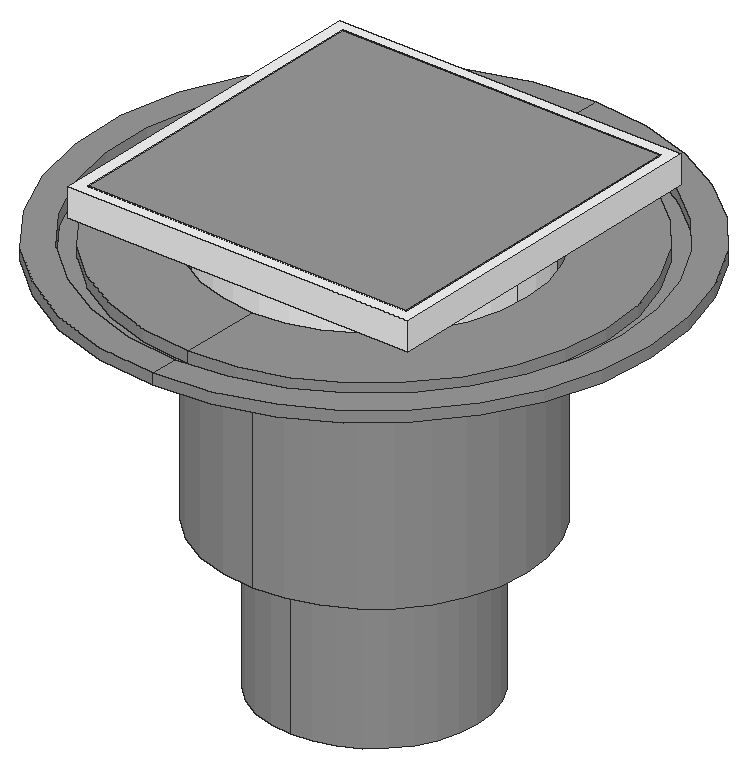
Revit family "137_HL310N", category Instalační zařizovací předměty, Revit 2016
Family settings
  Typ součásti = Normální
  Kóta kulaté spojky = Použít průměr
  Číslo OmniClass = 23.70.50.21.24.14
  Nadpis OmniClass = Deck Waste Water Drains
  Založené na pracovní rovině = Ne
  Vždy vertikální = Ano
  Ořezat dutým tvarem při načtení = Ne
  Sdílené = Ano
  Bod výpočtu místnosti = Ano
Parameters (values of type "HL310N")
  РЕШЁТКА = "115 x 115 mm / V2A"
  РАЗМЕР = "DN50/75/110"
  ПРОПУСКНАЯ СПОСОБНОСТЬ = 0.67 L/s
  ПРОИЗВОДИТЕЛЬНОСТЬ = "0,67 l/s"
  ПРИЁМНОЕ ОТВЕРСТИЕ = ""
  ПРАВОВАЯ ИНФОРМАЦИЯ = "Авторские права(©), права на дизайн или какие либо другие права интелектуальной собственности являются исключительной собственностью компании HL Hutterer & Lechner. Изменению не подлежит. Файл семейства с данными о прозводителе изделия защищен паролем с водяным знаком."  # constant formula
  НОРМЫ = ""
  НОМИНАЛЬНЫЙ ДИАМЕТР [instance] = 110 mm
  НАСАДКА = "12-70 mm / 123 x 123 mm / PP"
  МАТЕРИАЛ = "PE"
  МАКСИМАЛЬНАЯ НАГРУЗКА КЛАССА = "K3 - 300 kg"
  ВЫСОТА МОНТАЖА = "166 mm"
  ВЕС = "0,72 [kg]"
  Připojení ventilace = no
  Výrobce = "HL Hutterer & Lechner GmbH"  # constant formula
  URL = "http://www.hutterer-lechner.com/ru/Products/catalog/floor-drains/attachments/HL310N.aspx"
  Připojení odpadu = yes
  Připojení HW = no
  Popis = "Трапы для внутренних помещений"
  Model = "HL310N"
  Komentáře k typům = "HL310N Трап для внутренних помещенийDN50/75/110 вертикальный 123х123мм/115х115мм"
  Keynote = "HL310N"
  Высота монтажа [instance] = 166 mm
  EAN = "9003076004638"
  DN_Test [instance] = if(or(НОМИНАЛЬНЫЙ ДИАМЕТР = 50 mm, НОМИНАЛЬНЫЙ ДИАМЕТР = 75 mm, НОМИНАЛЬНЫЙ ДИАМЕТР = 110 mm), 30 mm, 0 mm)  # 30 mm
  Připojení CW = no
  B [instance] = if(НОМИНАЛЬНЫЙ ДИАМЕТР = 110 mm, Высота монтажа - 55 mm, Высота монтажа)  # 111 mm
  A [instance] = if(B - 100 mm > 15 mm, B - 100 mm, 15 mm)  # 15 mm
Reference planes
  plane 1 "Center (Front/Back)": y = 0
  plane 2: z = 0
  plane 3 "Center (Left/Right)": x = 0
  plane 4 "Ball Joint Vertical": x = 25.45
  plane 5: z = -166
  plane 6: z = -111
Lines and regions (mm)
  model lines, style "InvisibleLines"
    curve 1: line (0, 0, 0) -> (0, 0, 975)
  reference lines
    curve 2: line (0, 0, -106.004) -> (0, 0, -111.004)
  model lines, detail levels coarse+medium
    curve 3: line (0, 0, -111) -> (0, 0, -96)
    curve 4: line (0, 0, -96) -> (96, 0, 0)
    curve 5: line (0, 0, -96) -> (-96, 0, 0)
  symbolic lines, style "InvisibleLines", not visible
    curve 6: line (0, 0, 0) -> (0, 0, -30)
  symbolic lines, detail levels coarse+medium
    curve 7: line (-75, 75, 0) -> (75, 75, 0)
    curve 8: line (-75, -75, 0) -> (-75, 75, 0)
    curve 9: line (75, -75, 0) -> (-75, -75, 0)
    curve 10: line (75, 75, 0) -> (75, -75, 0)
    curve 11: line (75, 75, 0) -> (145.711, 145.711, 0)
    curve 12: line (-75, 75, 0) -> (-145.711, 145.711, 0)
    curve 13: line (75, -75, 0) -> (145.711, -145.711, 0)
    curve 14: line (-75, -75, 0) -> (-145.711, -145.711, 0)
  symbolic lines, not visible, detail levels coarse+medium
    curve 15: line (97.767, 268.748, 0) -> (247.767, 268.748, 0)
    curve 16: line (97.767, 118.748, 0) -> (97.767, 268.748, 0)
    curve 17: line (247.767, 118.748, 0) -> (97.767, 118.748, 0)
    curve 18: line (247.767, 268.748, 0) -> (247.767, 118.748, 0)
    curve 19: line (247.767, 268.748, 0) -> (318.478, 339.459, 0)
    curve 20: line (97.767, 268.748, 0) -> (27.057, 339.459, 0)
    curve 21: line (247.767, 118.748, 0) -> (318.478, 48.037, 0)
    curve 22: line (97.767, 118.748, 0) -> (27.057, 48.037, 0)
Text (mm)
  text "ПОЛ" at (-221.38, 0, -14.206), in view "Drain Construction View"
Dimensions and locks
  locked: plane 4 "Ball Joint Vertical" to plane 3 "Center (Left/Right)" at 25.45
  "Высота монтажа": plane 2 to plane 5
  "A": curve 5 to plane 6
  "B": curve 5 to plane 6
  "B": curve 4 to plane 6
  "B": plane 2 to plane 6
  "DN_Test": plane 2 to curve 6
  locked: curve 4 to plane 3 "Center (Left/Right)" (angle 45.00°)
  locked: plane 3 "Center (Left/Right)" to curve 5 (angle 45.00°)
  aligned and locked: level to plane 2
  aligned and locked: plane 2 to curve 1
  aligned and locked: plane 3 "Center (Left/Right)" to curve 1
  aligned and locked: plane 3 "Center (Left/Right)" to curve 2
  aligned and locked: plane 3 "Center (Left/Right)" to curve 3
  aligned and locked: plane 3 "Center (Left/Right)" to curve 5
  aligned and locked: plane 5 to nested 2
  aligned and locked: plane 6 to curve 3
Automatic sketch dimensions
  curve 2 to plane 6 = 0.004 mm
  plane 6 to curve 2 = 4.996 mm
  level to curve 1 = 975 mm
Nested families
  nested 1: "HL_Вкладыш сифона_HL0510.7E" at (0, 0, -6), type "HL0510.7E_Main Component"
  nested 2: "HL_Корпус для трапа внутренних помещений_HL310NK" at (0, 0, -21.604), type "HL310NK_Main Component"
  nested 3: "HL_Решётка_HL037Pr.1E" at (0, 0, 0), type "HL037Pr.1E_Main Component"
  nested 4: "HL_Насадка_HL037N.2E" at (0, 0, 0), type "HL037N.2E_Main Component"
    with Высота монтажа 23 mm, RN 4, RL 26 mm, R no, NL_Test yes, NL 43 mm
Connectors
  piping at (0, 0, -111.004), diameter 110, driven by "ПРОПУСКНАЯ СПОСОБНОСТЬ", driven by "НОМИНАЛЬНЫЙ ДИАМЕТР"
    settings: on curve 2, index 1, connector inside diameter 609.6 mm, connector length 0 mm, flow factor 0, pipe flow 0.67 L/s, pressure drop 0.0 Pa, fitting loss kfactor 0, connector angle 0.00°, fixture units 0, engagement length 0 mm, angle of deflection 0.00°, flow configuration 1, flow direction 2, fitting loss method 0, system type 16, joint type 0, gender type 0, connector reference index -1, connector utility 0, adjustable connector no, is connector primary yes, connector description ""
Definition of nested family "HL_Вкладыш сифона_HL0510.7E"
  Parameters (values of type "HL0510.7E")
    ПРАВОВАЯ ИНФОРМАЦИЯ = "Авторские права(©), права на дизайн или какие либо другие права интелектуальной собственности являются исключительной собственностью компании HL Hutterer & Lechner. Изменению не подлежит. Файл семейства с данными о прозводителе изделия защищен паролем с водяным знаком."  # constant formula
    МАТЕРИАЛ = "PP"
    ВЕС = "0,08 [kg]"
    Waste Connection = yes
    Vent Connection = no
    Manufacturer = "HL Hutterer & Lechner GmbH"  # constant formula
    URL = "http://www.hutterer-lechner.com/ru/products/catalog/floor-drains/attachments/HL0510.7e.aspx"
    HW Connection = no
    Description = "Трапы для внутренних помещений - Комплектующие"
    Model = "HL0510.7E"
    Type Comments = "HL0510.7E Вкладыш запахозапирающий комплектный"
    Keynote = "HL0510.7E"
    EAN = "9003076051076"
    CW Connection = no
  Reference planes
    plane 1 "Center (Front/Back)": y = 0
    plane 2: z = 0
    plane 3 "Center (Left/Right)": x = 0
    plane 4 "Ball Joint Vertical": x = 25.45
  Forms (mm)
    Revolve 1, solid, detail levels fine
      sketch origin (0, 0, 0) x (0, 1, 0) y (0, 0, 1)
        loop
          line (20, -68.2) -> (20, -11) -> (18.2, -11) -> (18.2, -70) -> (45, -70) -> (45, -36) -> (48.834, -36) -> (48.834, -14) -> (49.7, -14) -> (49.7, -2) -> (53, -2) -> (53, 0) -> (45, 0) -> (45, -29.222) -> (43.93, -33.62) -> (43.13, -33.62) -> (43.13, -68.2) -> (20, -68.2)
        loop
          line (36.103, -61) -> (36.103, 0) -> (0, 0) -> (0, -1.8) -> (34.307, -1.8) -> (34.307, -61) -> (36.103, -61)
        axis (0, 0) -> (0, -70)
      angle from 0 to 360
    Extrusion 2, solid, detail levels fine
      sketch origin (0, 0, 0) x (1, 0, 0) y (0, 1, 0)
        loop
          line (-24.1, 5.7) -> (-24.1, -5.7) -> (-4, -5.7) -> (-4, -23) -> (4, -23) -> (4, -5.7) -> (24.1, -5.7) -> (24.1, 5.7) -> (4, 5.7) -> (4, 23) -> (-4, 23) -> (-4, 5.7) -> (-24.1, 5.7)
      from -82.5 to -81
    Extrusion 3, solid, detail levels fine
      sketch origin (0, 0, 0) x (1, 0, 0) y (0, 1, 0)
        loop
          line (-24.1, 5.7) -> (-24.1, -5.7) -> (-18.9, -5.7) -> (-18.9, 5.7) -> (-24.1, 5.7)
        loop
          line (18.9, 5.7) -> (18.9, -5.7) -> (24.1, -5.7) -> (24.1, 5.7) -> (18.9, 5.7)
      from -81 to -70
    Revolve 4, solid, detail levels fine
      sketch origin (0, 0, 0) x (0, 1, 0) y (0, 0, 1)
        loop
          arc (49.7, -10.914) -> (51.118, -9) -> (49.7, -7.086) r 2
          line (49.7, -7.086) -> (49.7, -10.914)
        axis (0, -7.086) -> (0, -10.914)
      angle from 0 to 360
  Cuts and joins
    joined: Revolve 1, Extrusion 2, Extrusion 3
  Text (mm)
    text "ROOF/FLOOR" at (-198.233, 0, -26.556), in view "Drain Construction View"
  Dimensions and locks
    locked: plane 4 "Ball Joint Vertical" to plane 3 "Center (Left/Right)" at 25.45
    aligned and locked: level to plane 2
Definition of nested family "HL_Корпус для трапа внутренних помещений_HL310NK"
  Parameters (values of type "HL310NK")
    РАЗМЕР = "DN50/75/110"
    ПРАВОВАЯ ИНФОРМАЦИЯ = "Авторские права(©), права на дизайн или какие либо другие права интелектуальной собственности являются исключительной собственностью компании HL Hutterer & Lechner. Изменению не подлежит. Файл семейства с данными о прозводителе изделия защищен паролем с водяным знаком."  # constant formula
    МАТЕРИАЛ = "PE"
    ВЫСОТА МОНТАЖА = "144 mm"
    ВЕС = "0,23 [kg]"
    Waste Connection = yes
    Vent Connection = no
    Manufacturer = "HL Hutterer & Lechner GmbH"  # constant formula
    URL = "http://www.hutterer-lechner.com/ru/products/catalog/floor-drains/attachments/HL310nk.aspx"
    HW Connection = no
    Description = "Трапы для внутренних помещений - Комплектующие"
    Model = "HL310NK"
    Type Comments = "HL310NK пус трапа для внутренних помещений DN50/75/110 вертикальный"
    Keynote = "HL310NK"
    EAN = "9003076008674"
    CW Connection = no
  Reference planes
    plane 1 "Center (Front/Back)": y = 0
    plane 2: z = 0
    plane 3 "Center (Left/Right)": x = 0
    plane 4 "Ball Joint Vertical": x = 25.45
  Forms (mm)
    Revolve 1, solid, detail levels fine
      sketch origin (0, 0, 0) x (0, 1, 0) y (0, 0, 1)
        loop
          line (55.35, 0) -> (55.35, -22) -> (52, -22) -> (52, -86.396) -> (20, -86.396) -> (20, -88.396) -> (22, -88.396) -> (22, -89.396) -> (22, -144.396) -> (25, -144.396) -> (25, -89.396) -> (34.5, -89.396) -> (34.5, -144.396) -> (37.5, -144.396) -> (37.5, -89.396) -> (55, -89.396) -> (55, -27) -> (58.349, -27) -> (58.349, -7.5) -> (93, -7.5) -> (93, -4) -> (100, -4) -> (100, 0) -> (90, 0) -> (90, -4) -> (84, -4) -> (84, 0) -> (55.35, 0)
        axis (0, 0) -> (0, -144.396)
      angle from 0 to 360
  Text (mm)
    text "ROOF/FLOOR" at (-198.233, 0, -26.556), in view "Drain Construction View"
  Dimensions and locks
    locked: plane 4 "Ball Joint Vertical" to plane 3 "Center (Left/Right)" at 25.45
    aligned and locked: level to plane 2
Definition of nested family "HL_Решётка_HL037Pr.1E"
  Parameters (values of type "HL037Pr.1E")
    РАЗМЕР = "115x115mm"
    ПРАВОВАЯ ИНФОРМАЦИЯ = "Авторские права(©), права на дизайн или какие либо другие права интелектуальной собственности являются исключительной собственностью компании HL Hutterer & Lechner. Изменению не подлежит. Файл семейства с данными о прозводителе изделия защищен паролем с водяным знаком."  # constant formula
    МАТЕРИАЛ = "V2A"
    МАКСИМАЛЬНАЯ НАГРУЗКА КЛАССА = "K3 - 300 kg"
    ВЕС = "0,15 [kg]"
    Waste Connection = yes
    Vent Connection = no
    Manufacturer = "HL Hutterer & Lechner GmbH"  # constant formula
    URL = "http://www.hutterer-lechner.com/ru/products/catalog/floor-drains/attachments/HL037pr.1e.aspx"
    HW Connection = no
    Description = "Трапы для внутренних помещений - Комплектующие"
    Model = "HL037Pr.1E"
    Type Comments = "HL037Pr.1E Решётка из нержавеющей стали 115х115 мм"
    Keynote = "HL037Pr.1E"
    EAN = "9003076028474"
    CW Connection = no
  Reference planes
    plane 1 "Center (Front/Back)": y = 0
    plane 2: z = 0
    plane 3 "Center (Left/Right)": x = 0
    plane 4 "Ball Joint Vertical": x = 25.45
  Forms (mm)
    Extrusion 1, solid, detail levels fine
      sketch origin (0, 0, 0) x (1, 0, 0) y (0, 1, 0)
        loop
          line (57.5, 57.5) -> (-57.5, 57.5) -> (-57.5, -57.5) -> (57.5, -57.5) -> (57.5, 57.5)
      from 0 to -5
  Lines and regions (mm)
    model lines, detail levels fine
      curve 1: spline (-13.927, 0, 0) -> (-13.452, 1.165, 0) -> (-12.061, 2.25, 0) -> (-9.848, 3.182, 0) -> (-6.964, 3.897, 0) -> (-3.605, 4.347, 0) -> (0, 4.5, 0) -> (3.605, 4.347, 0) -> (6.964, 3.897, 0) -> (9.848, 3.182, 0) -> (12.061, 2.25, 0) -> (13.452, 1.165, 0) -> (13.927, 0, 0) -> (13.452, -1.165, 0) -> (12.061, -2.25, 0) -> (9.848, -3.182, 0) -> (6.964, -3.897, 0) -> (3.605, -4.347, 0) -> (0, -4.5, 0) -> (-3.605, -4.347, 0) -> (-6.964, -3.897, 0) -> (-9.848, -3.182, 0) -> (-12.061, -2.25, 0) -> (-13.452, -1.165, 0) -> (-13.927, 0, 0)
      curve 2: line (-5.9, 0.4, 0) -> (-11.9, 0.4, 0)
      curve 3: line (-3.65, -2, 0) -> (-3.65, 2, 0)
      curve 4: arc (-3.65, 2, 0) -> (-3.15, 2.5, 0) -> (-2.65, 2, 0) r 0.5
      curve 5: line (-2.65, 2, 0) -> (-2.65, 0.5, 0)
      curve 6: line (-2.65, 0.5, 0) -> (-0.65, 0.5, 0)
      curve 7: line (-0.65, 0.5, 0) -> (-0.65, 2, 0)
      curve 8: arc (-0.65, 2, 0) -> (-0.15, 2.5, 0) -> (0.35, 2, 0) r 0.5
      curve 9: line (0.35, 2, 0) -> (0.35, -2, 0)
      curve 10: arc (0.35, -2, 0) -> (-0.15, -2.5, 0) -> (-0.65, -2, 0) r 0.5
      curve 11: line (-0.65, -2, 0) -> (-0.65, -0.5, 0)
      curve 12: line (-0.65, -0.5, 0) -> (-2.65, -0.5, 0)
      curve 13: line (-2.65, -0.5, 0) -> (-2.65, -2, 0)
      curve 14: arc (-2.65, -2, 0) -> (-3.15, -2.5, 0) -> (-3.65, -2, 0) r 0.5
      curve 15: line (1.85, -2, 0) -> (1.85, 2, 0)
      curve 16: arc (1.85, 2, 0) -> (1.996, 2.354, 0) -> (2.35, 2.5, 0) r 0.5
      curve 17: arc (2.35, 2.5, 0) -> (2.704, 2.354, 0) -> (2.85, 2, 0) r 0.5
      curve 18: line (2.85, 2, 0) -> (2.85, -1, 0)
      curve 19: arc (2.85, -1, 0) -> (2.996, -1.354, 0) -> (3.35, -1.5, 0) r 0.5
      curve 20: line (3.35, -1.5, 0) -> (4.35, -1.5, 0)
      curve 21: arc (4.35, -1.5, 0) -> (4.85, -2, 0) -> (4.35, -2.5, 0) r 0.5
      curve 22: line (4.35, -2.5, 0) -> (2.35, -2.5, 0)
      curve 23: arc (2.35, -2.5, 0) -> (1.996, -2.354, 0) -> (1.85, -2, 0) r 0.5
      curve 24: line (12.1, 0.4, 0) -> (6.1, 0.4, 0)
      curve 25: line (-5.9, -0.4, 0) -> (-11.9, -0.4, 0)
      curve 26: line (12.1, -0.4, 0) -> (6.1, -0.4, 0)
      curve 27: line (-5.9, 0.4, 0) -> (-5.9, -0.4, 0)
      curve 28: line (-11.9, 0.4, 0) -> (-11.9, -0.4, 0)
      curve 29: line (6.1, 0.4, 0) -> (6.1, -0.4, 0)
      curve 30: line (12.1, 0.4, 0) -> (12.1, -0.4, 0)
      curve 31: arc (38.029, -24.059, 0) -> (45, 0, 0) -> (38.029, 24.059, 0) r 45
      curve 32: arc (38.029, 24.059, 0) -> (35.09, 25.896, 0) -> (31.82, 24.749, 0) r 4
      curve 33: arc (31.82, 24.749, 0) -> (30.673, 22.362, 0) -> (31.268, 19.782, 0) r 4
      curve 34: arc (31.268, 19.782, 0) -> (37, 0, 0) -> (31.268, -19.782, 0) r 37
      curve 35: arc (31.268, -19.782, 0) -> (30.673, -22.362, 0) -> (31.82, -24.749, 0) r 4
      curve 36: arc (31.82, -24.749, 0) -> (35.09, -25.896, 0) -> (38.029, -24.059, 0) r 4
      curve 37: arc (24.059, 38.029, 0) -> (0, 45, 0) -> (-24.059, 38.029, 0) r 45
      curve 38: arc (-24.059, 38.029, 0) -> (-25.896, 35.09, 0) -> (-24.749, 31.82, 0) r 4
      curve 39: arc (-24.749, 31.82, 0) -> (-22.362, 30.673, 0) -> (-19.782, 31.268, 0) r 4
      curve 40: arc (-19.782, 31.268, 0) -> (0, 37, 0) -> (19.782, 31.268, 0) r 37
      curve 41: arc (19.782, 31.268, 0) -> (22.362, 30.673, 0) -> (24.749, 31.82, 0) r 4
      curve 42: arc (24.749, 31.82, 0) -> (25.896, 35.09, 0) -> (24.059, 38.029, 0) r 4
      curve 43: arc (24.059, -38.029, 0) -> (0, -45, 0) -> (-24.059, -38.029, 0) r 45
      curve 44: arc (-24.059, -38.029, 0) -> (-25.896, -35.09, 0) -> (-24.749, -31.82, 0) r 4
      curve 45: arc (-24.749, -31.82, 0) -> (-22.362, -30.673, 0) -> (-19.782, -31.268, 0) r 4
      curve 46: arc (-19.782, -31.268, 0) -> (0, -37, 0) -> (19.782, -31.268, 0) r 37
      curve 47: arc (19.782, -31.268, 0) -> (22.362, -30.673, 0) -> (24.749, -31.82, 0) r 4
      curve 48: arc (24.749, -31.82, 0) -> (25.896, -35.09, 0) -> (24.059, -38.029, 0) r 4
      curve 49: arc (-38.029, -24.059, 0) -> (-45, 0, 0) -> (-38.029, 24.059, 0) r 45
      curve 50: arc (-38.029, 24.059, 0) -> (-35.09, 25.896, 0) -> (-31.82, 24.749, 0) r 4
      curve 51: arc (-31.82, 24.749, 0) -> (-30.673, 22.362, 0) -> (-31.268, 19.782, 0) r 4
      curve 52: arc (-31.268, 19.782, 0) -> (-37, 0, 0) -> (-31.268, -19.782, 0) r 37
      curve 53: arc (-31.268, -19.782, 0) -> (-30.673, -22.362, 0) -> (-31.82, -24.749, 0) r 4
      curve 54: arc (-31.82, -24.749, 0) -> (-35.09, -25.896, 0) -> (-38.029, -24.059, 0) r 4
    model lines
      curve 55: line (0, 0, 0) -> (0, 0, 100)
  Text (mm)
    text "ROOF/FLOOR" at (-198.233, 0, -26.556), in view "Drain Construction View"
  Dimensions and locks
    locked: plane 4 "Ball Joint Vertical" to plane 3 "Center (Left/Right)" at 25.45
    aligned and locked: level to plane 2
Definition of nested family "HL_Насадка_HL037N.2E"
  Parameters (values of type "HL037N.2E")
    РАЗМЕР = "d 110 mm"
    ПРАВОВАЯ ИНФОРМАЦИЯ = "Авторские права(©), права на дизайн или какие либо другие права интелектуальной собственности являются исключительной собственностью компании HL Hutterer & Lechner. Изменению не подлежит. Файл семейства с данными о прозводителе изделия защищен паролем с водяным знаком."  # constant formula
    НАСАДКА = "123x123mm"
    МАТЕРИАЛ = "PP"
    Высота монтажа [instance] = 70 mm
    ВЫСОТА МОНТАЖА = "12-70mm"
    ВЕС = "0,08 [kg]"
    Waste Connection = yes
    Vent Connection = no
    RD = 6.5 mm  # constant formula
    R [instance] = ((Высота монтажа - NL_Min) / RD - 1) > 2  # yes
    RL [instance] = if(Высота монтажа < 18 mm, 1 mm, RD * RN)  # 71.5 mm
    NL_Test [instance] = and(or(Высота монтажа < NL_Max, Высота монтажа = NL_Max), or(Высота монтажа > NL_Min, Высота монтажа = NL_Min))  # yes
    NL_Min = 12 mm
    NL_Max = 70 mm
    NL [instance] = if(NL_Test, Высота монтажа + 20 mm, 0 mm)  # 90 mm
    RN [instance] = if((Высота монтажа + 20 mm - NL_Min) / RD - 1 < 2, 2, (Высота монтажа + 20 mm - NL_Min) / RD - 1)  # 11
    Manufacturer = "HL Hutterer & Lechner GmbH"  # constant formula
    URL = "http://www.hutterer-lechner.com/ru/products/catalog/floor-drains/attachments/HL037pr.11e.aspx"
    HW Connection = no
    Description = "Трапы для внутренних помещений - Комплектующие"
    Model = "HL037N.2E"
    Type Comments = "HL037N.2E Насадные подрамники d 110мм/90мм/123х123мм с О-кольцом"
    Keynote = "HL037N.2E"
    EAN = "9003076015290"
    CW Connection = no
  Reference planes
    plane 1 "Center (Front/Back)": y = 0
    plane 2: z = 0
    plane 3 "Center (Left/Right)": x = 0
    plane 4 "Ball Joint Vertical": x = 25.45
    plane 5: z = -90
  Forms (mm)
    Extrusion 1, solid, detail levels fine
      sketch origin (0, 0, 0) x (1, 0, 0) y (0, 1, 0)
        loop
          line (-61.5, 61.5) -> (-61.5, -61.5) -> (61.5, -61.5) -> (61.5, 61.5) -> (-61.5, 61.5)
      from -10 to 0
    Extrusion 2, solid, detail levels fine
      sketch origin (0, 0, 0) x (1, 0, 0) y (0, 1, 0)
        loop
          circle (0, 0) r 51.744
      from -90 to -10
    Extrusion 3, void
      sketch origin (0, 0, 0) x (1, 0, 0) y (0, 1, 0)
        loop
          line (-57.5, 57.5) -> (-57.5, -57.5) -> (57.5, -57.5) -> (57.5, 57.5) -> (-57.5, 57.5)
      from 0 to -8
  Cuts and joins
    Extrusion 3 cuts Extrusion 1
  Lines and regions (mm)
    symbolic lines
      curve 1: line (0, 0, -90) -> (0, 0, 0)
    model lines
      curve 2: line (0, 0, 0) -> (0, 0, 100)
  Text (mm)
    text "ROOF/FLOOR" at (-198.233, 0, -26.556), in view "Drain Construction View"
  Dimensions and locks
    locked: plane 4 "Ball Joint Vertical" to plane 3 "Center (Left/Right)" at 25.45
    "NL": plane 2 to plane 5
    equal spacing: group 1, group 3, group 4, group 5, group 6, group 7, group 8, group 9, group 10, group 11, group 2  (x3)
    "RL": nested 2 to nested 1
    locked: nested 1 to plane 5 at 1.516
    aligned and locked: level to plane 2
    aligned and locked: plane 3 "Center (Left/Right)" to nested 1
    aligned and locked: plane 1 "Center (Front/Back)" to nested 1
    aligned and locked: plane 2 to curve 1
    aligned and locked: plane 5 to curve 1
    aligned and locked: Extrusion 2 to plane 5
  Automatic sketch dimensions
    Extrusion 1 sketch curve to plane 3 "Center (Left/Right)" = 61.5 mm
    plane 4 "Ball Joint Vertical" to Extrusion 1 sketch curve = 36.05 mm
    plane 1 "Center (Front/Back)" to Extrusion 1 sketch curve = 61.5 mm
    Extrusion 1 sketch curve to plane 1 "Center (Front/Back)" = 61.5 mm
    plane 1 "Center (Front/Back)" to Extrusion 2 sketch curve = 0 mm
    Extrusion 2 sketch curve to plane 3 "Center (Left/Right)" = 0 mm
    Extrusion 3 sketch curve to plane 3 "Center (Left/Right)" = 57.5 mm
    plane 4 "Ball Joint Vertical" to Extrusion 3 sketch curve = 32.05 mm
    plane 1 "Center (Front/Back)" to Extrusion 3 sketch curve = 57.5 mm
    Extrusion 3 sketch curve to plane 1 "Center (Front/Back)" = 57.5 mm
    curve 2 to plane 3 "Center (Left/Right)" = 0 mm
    level to curve 2 = 100 mm
    radius of Extrusion 2 sketch curve = 51.744 mm
  Nested families
    nested 1: "Ring" at (0, 0, -88.484), visible <- "R", type "Ring"
      with R 51.7 mm, D 103.4 mm
    nested 2: "Ring" at (0, 0, -16.984), visible <- "R", type "Ring"
      with R 51.7 mm, D 103.4 mm
    nested 3: "Ring" at (0, 0, -81.334), visible <- "R", type "Ring"
      with R 51.7 mm, D 103.4 mm
    nested 4: "Ring" at (0, 0, -74.184), visible <- "R", type "Ring"
      with R 51.7 mm, D 103.4 mm
    nested 5: "Ring" at (0, 0, -67.034), visible <- "R", type "Ring"
      with R 51.7 mm, D 103.4 mm
    nested 6: "Ring" at (0, 0, -59.884), visible <- "R", type "Ring"
      with R 51.7 mm, D 103.4 mm
    nested 7: "Ring" at (0, 0, -52.734), visible <- "R", type "Ring"
      with R 51.7 mm, D 103.4 mm
    nested 8: "Ring" at (0, 0, -45.584), visible <- "R", type "Ring"
      with R 51.7 mm, D 103.4 mm
    nested 9: "Ring" at (0, 0, -38.434), visible <- "R", type "Ring"
      with R 51.7 mm, D 103.4 mm
    nested 10: "Ring" at (0, 0, -31.284), visible <- "R", type "Ring"
      with R 51.7 mm, D 103.4 mm
    nested 11: "Ring" at (0, 0, -24.134), visible <- "R", type "Ring"
      with R 51.7 mm, D 103.4 mm
  Definition of nested family "Ring"
    Parameters (values of type "Ring")
      Manufacturer = ""
      URL = ""
      R = D / 2  # 51.5 mm
      Description = ""
      Model = ""
      Material = none
      Type Comments = ""
      D = 103 mm
      Cost = 0
    Reference planes
      plane 1 "Střed (vpředu/vzadu)": y = 0
      plane 2: z = 0
      plane 3 "Střed (vlevo/vpravo)": x = 0
    Forms (mm)
      Revolve 1, solid, material <- "Material", detail levels fine
        sketch origin (0, 0, 0) x (1, 0, 0) y (0, 0, 1)
          loop
            line (-51.5, 1.482) -> (-54.764, 0) -> (-51.5, -1.516) -> (-51.5, 1.482)
          axis (0, 1.482) -> (0, -1.516)
        angle from 0 to 360
    Dimensions and locks
      "R": Revolve 1 sketch curve to plane 3 "Střed (vlevo/vpravo)"
      aligned and locked: level to plane 2
      aligned and locked: Revolve 1 sketch curve to plane 3 "Střed (vlevo/vpravo)"
    Automatic sketch dimensions
      Revolve 1 sketch curve to level = 0 mm
      Revolve 1 sketch curve to Revolve 1 sketch curve = 3.264 mm
      Revolve 1 sketch curve to level = 1.516 mm
      level to Revolve 1 sketch curve = 1.482 mm
      Revolve 1 sketch curve to level = 381 mm
      Revolve 1 sketch curve to Revolve 1 sketch curve = 2212.833 mm
